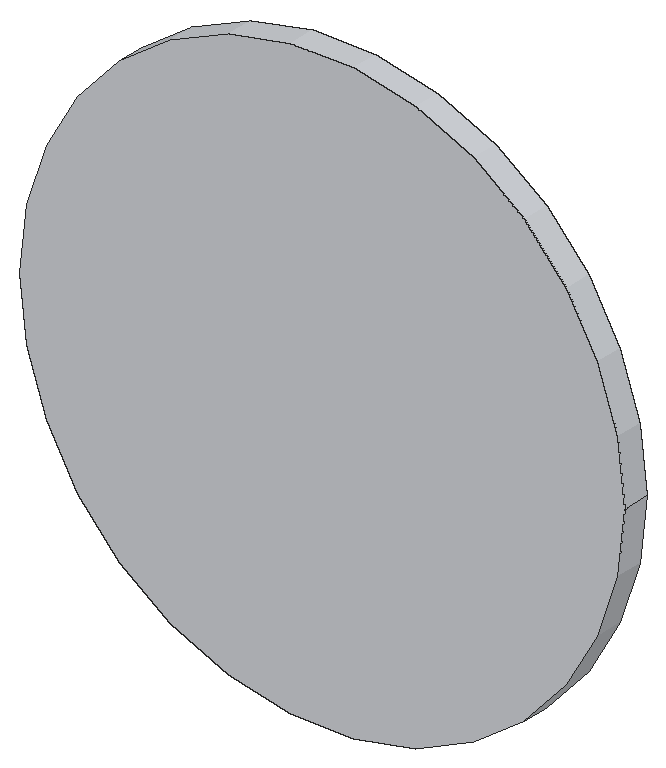
Revit family "TX124LES", category Plumbing Fixtures, host Wall, Revit 2018
Family settings
  Host = Wall
  Round Connector Dimension = Use Diameter
  Part Type = Normal
  OmniClass Number = 23.45.00.00
  OmniClass Title = Sanitary, Laundry, and Cleaning Equipment
  Always vertical = Yes
  Cut with Voids When Loaded = No
  Shared = No
  Room Calculation Point = No
Parameters (values of type "Type 1")
  Water Supply Size = 22 mm
  Operating Water Pressure Min = 0.75 MPa
  Operating Water Pressure Max = 0.05 MPa
  Main Material = "Brass"
  Flow Rate = 5.0 L/min
  Flow Pressure = 0.2 MPa
  Finishing = Chrome - Polished
  Connection Type = "Rc½"
Reference planes
  plane 1: y = 0
  plane 2 "Center (Left/Right)": x = 125
  plane 3 "Back": y = 75
Forms (mm)
  Extrusion 1, solid
    sketch origin (5657.463, -75, 0) x (-1, 0, 0) y (0, 0, -1)
      loop
        circle (5228.733, -871.498) r 11
    from 0 to -1
Lines and regions (mm)
  reference lines
    curve 1: line (328.731, -75, 819.222) -> (328.731, -75, 909.222)
Text (mm)
  text "Placement side" at (-1787.139, 592.35, 0), in view "Ref. Level"
  text "Placement side" at (0, 1827.695, 2917.686), in view "Left"
  text "Placement side" at (0, 562.268, 3853.606), in view "Right"
Dimensions and locks
  locked: plane 3 "Back" to host wall at 0
  aligned and locked: plane 1 to host wall
Connectors
  piping at (428.73, -74, 871.498), diameter 9.5
    settings: on Extrusion 1, index 2, connector inside diameter 609.6 mm, connector length 0 mm, flow factor 0, pipe flow 0.0 L/min, pressure drop 0.0 MPa, fitting loss kfactor 0, connector angle 0.00°, fixture units 0, engagement length 0 mm, angle of deflection 0.00°, flow configuration 2, flow direction 1, fitting loss method 0, system type 20, joint type 0, gender type 0, connector reference index -1, connector utility 0, adjustable connector no, is connector primary yes, connector description ""
